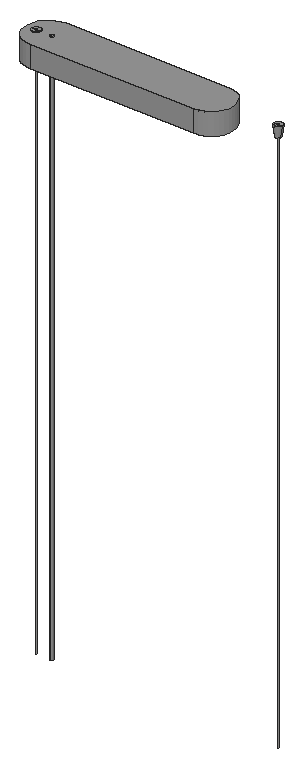
Revit family "Navicula Medium", category Lighting Fixtures, host Ceiling, Revit 2017
Family settings
  Host = Ceiling
  Round Connector Dimension = Use Diameter
  Part Type = Normal
  OmniClass Number = 23.80.70.11
  OmniClass Title = Luminaries for Internal Lighting
  Always vertical = No
  Cut with Voids When Loaded = No
  Light Source = Yes
  Shared = No
  Room Calculation Point = No
Parameters (values of type "Surface mounted driver (EU)")
  Wattage Comments = "230-240V (EU)"
  Wattage = 5.04908 W
  built-in parameter 1150110 = 1 (stored number, unit not read)
  URL = "https://www.davidtrubridge.com"
  Type Comments = "Confirm with supplier for suitable installation"
  built-in parameter 1114217 = 1 (stored number, unit not read)
  built-in parameter 1150109 = 1 (stored number, unit not read)
  built-in parameter 1150134 = (empty or 0)
  Suspension Top [instance] = 1000 mm
  Suspension Cable Finish = Stainless Steel, Brushed
  built-in parameter 1150113 = 1 (stored number, unit not read)
  Model = "Navicula Medium"
  Manufacturer = "David Trubridge"
  Lumens = 750 lm
  built-in parameter 1150115 = 1 (stored number, unit not read)
  built-in parameter 1150105 = 238.73 (stored number, unit not read)
  Suspension LED [instance] = Suspension Top + 125 mm  # 1125 mm
  Light Source Symbol Size = 100 mm
  built-in parameter 1150137 = (empty or 0)
  built-in parameter 1150139 = (empty or 0)
  Lamp Wattage = 0 W
  built-in parameter 1150112 = 1 (stored number, unit not read)
  built-in parameter 1150114 = 1 (stored number, unit not read)
  Lamp = "Linear LED"
  built-in parameter 1150132 = 2
  built-in parameter 1150102 = (empty or 0)
  built-in parameter 1150138 = (empty or 0)
  built-in parameter 1150107 = 2700 (stored number, unit not read)
  built-in parameter 1150106 = 2.3873 (stored number, unit not read)
  Emit from Line Length = 1155 mm
  built-in parameter 1150104 = 13.8 (stored number, unit not read)
  Dimming Lamp Color Temperature Shift = <None>
  Description = "Pendant in bamboo plywood with LED light source. Can be made in a large range of colours"
  Cordset Finish = Plastic, Opaque White
  Color Filter = 16777215
  Canopy location = 40 mm
  Canopy length = 380 mm
  built-in parameter 1114218 = 1 (stored number, unit not read)
  built-in parameter 1150133 = 10 (stored number, unit not read)
  Apparent Load = 0 VA
Types (2, lengths in mm): name | Wattage Comments | Type Comments | Canopy location
  Surface mounted driver (EU) | "230-240V (EU)" | "Confirm with supplier for suitable installation" | 40
  Remote Driver (EU/US) | "110V(US) / 230-240V(EU)." | "Remote driver location shown as example only" | 200
Reference planes
  plane 1 "Light Source Axis (F/B)": y = 0
  plane 2: z = 0
  plane 3 "Light Source Axis (L/R)": x = 0
  plane 4 "Ceiling": z = 4000
  plane 5 "Light Source Elevation": z = 2875
  plane 6 "Top of pendant": z = 3000
  plane 7 "Outer edge": x = -980
  plane 8 "Outer Edge": x = 980
  plane 9 "Bottom of Pendant": z = 2620
  plane 10: y = 460
  plane 11: y = -460
  plane 12 "Connection": z = 2975
  plane 13: z = 4000
  plane 14: x = 213.491
  plane 15: x = -213.393
  plane 16 "Canopy west": x = -241.904
  plane 17 "Canopy east": x = 138.096
  plane 18 "Canopy north": y = 40
  plane 19 "Canopy south": y = -40
  plane 20: through (-287.495, 213.66, 1200) normal (0.9816, 0.1908, 0)
  plane 21: through (85.523, 286.168, 1200) normal (0.9816, 0.1908, 0)
  plane 22: through (-357.335, -52.311, 1200) normal (-0.1908, 0.9816, 0)
  plane 23: through (-342.071, -130.841, 1200) normal (-0.1908, 0.9816, 0)
  plane 24 "Canopy height": z = 4000
  plane 25 "Canopy base": z = 3960
Forms (mm)
  Revolve 1, solid, material "Plastic, Opaque White" <- "Cordset Finish"
    sketch origin (220.894, 0, 6175) x (-1, 0, 0) y (0, 0, -1)
      loop
        line (0, 2195) -> (0, 2175) -> (7.5, 2175) -> (5, 2195) -> (0, 2195)
      axis (0, 2175) -> (0, 2195)
    angle from 0 to 360
  Extrusion 2, solid, material "Stainless Steel, Brushed" <- "Suspension Cable Finish"
    sketch origin (220.894, 0, 3200) x (0, 1, 0) y (-1, 0, 0)
      loop
        circle (0, 0) r 1
    from -225 to 800
  Extrusion 3, solid, material "Plastic, Opaque White" <- "Cordset Finish"
    sketch origin (-194.217, 0, 3200) x (0, 1, 0) y (-1, 0, 0)
      loop
        circle (0, 0) r 3
    from -225 to 800
  Extrusion 4, solid, material "Plastic, Opaque White" <- "Cordset Finish"
    sketch origin (0, 0, 3960) x (0, 1, 0) y (-1, 0, 0)
      loop
        line (-40, 201.904) -> (-40, -98.096)
        arc (-40, -98.096) -> (0, -138.096) -> (40, -98.096) r 40
        line (40, -98.096) -> (40, 201.904)
        arc (40, 201.904) -> (0, 241.904) -> (-40, 201.904) r 40
    from 0 to 40
  Extrusion 5, solid, material "Plastic, Opaque White" <- "Cordset Finish", not visible
    sketch origin (4.871, -22.654, 4180) x (-0.190809, 0.981627, 0) y (-0.981627, -0.190809, 0)
      loop
        line (-40, 201.904) -> (-40, -98.096)
        arc (-40, -98.096) -> (0, -138.096) -> (40, -98.096) r 40
        line (40, -98.096) -> (40, 201.904)
        arc (40, 201.904) -> (0, 241.904) -> (-40, 201.904) r 40
    from 0 to 40
  Revolve 6, solid, material "Plastic, Opaque White" <- "Cordset Finish"
    sketch origin (-222.79, -0.459, 6175) x (-1, 0, 0) y (0, 0, -1)
      loop
        line (0, 2195) -> (0, 2175) -> (7.5, 2175) -> (5, 2195) -> (0, 2195)
      axis (0, 2175) -> (0, 2195)
    angle from 0 to 360
  Extrusion 7, solid, material "Stainless Steel, Brushed" <- "Suspension Cable Finish"
    sketch origin (-222.79, -0.459, 3200) x (0, 1, 0) y (-1, 0, 0)
      loop
        circle (0, 0) r 1
    from -225 to 800
Lines and regions (mm)
  model lines
    curve 1: line (285, 0, 4000) -> (-285, 0, 4000)
    curve 2: line (-201.904, 40, 3960) -> (98.096, 40, 3960)
    curve 3: arc (-201.904, -40, 3960) -> (-241.904, 0, 3960) -> (-201.904, 40, 3960) r 40
  model lines, not visible
    curve 4: line (-200.956, -21.914, 4180) -> (93.532, 35.329, 4180)
    curve 5: arc (-185.691, -100.444, 4180) -> (-232.589, -68.812, 4180) -> (-200.956, -21.914, 4180) r 40
Dimensions and locks
  equal spacing: host sketch curve, plane 3 "Light Source Axis (L/R)", host sketch curve
  equal spacing: host sketch curve, plane 1 "Light Source Axis (F/B)", host sketch curve
  host sketch curve to host sketch curve = 4000 mm  (x2)
  host ceiling to plane 4 "Ceiling" = 0 mm
  plane 4 "Ceiling" to level = 4000 mm
  "Suspension LED": plane 5 "Light Source Elevation" to plane 4 "Ceiling"
  plane 5 "Light Source Elevation" to plane 6 "Top of pendant" = 125 mm
  plane 8 "Outer Edge" to plane 7 "Outer edge" = 1960 mm
  plane 7 "Outer edge" to plane 8 "Outer Edge" = 1960 mm
  locked: plane 9 "Bottom of Pendant" to plane 6 "Top of pendant" at 380
  plane 3 "Light Source Axis (L/R)" to plane 8 "Outer Edge" = 980 mm
  plane 7 "Outer edge" to plane 3 "Light Source Axis (L/R)" = 980 mm
  plane 1 "Light Source Axis (F/B)" to plane 10 = 460 mm
  plane 11 to plane 1 "Light Source Axis (F/B)" = 460 mm
  plane 11 to plane 10 = 920 mm
  imposter light to imposter light = 1155 mm
  locked: plane 12 "Connection" to plane 6 "Top of pendant" at 25
  plane 14 to plane 15 = 426.883 mm
  plane 16 "Canopy west" to plane 17 "Canopy east" = 380 mm
  plane 18 "Canopy north" to plane 19 "Canopy south" = 80 mm
  plane 20 to plane 21 = 380 mm
  plane 22 to plane 23 = 80 mm
  "Canopy length": plane 16 "Canopy west" to plane 17 "Canopy east"
  "Canopy location": plane 25 "Canopy base" to plane 24 "Canopy height"
  locked: plane 25 "Canopy base" to plane 4 "Ceiling" at 40
  aligned and locked: plane 5 "Light Source Elevation" to imposter light
  aligned and locked: level to plane 2
  aligned and locked: plane 12 "Connection" to Extrusion 2
  aligned and locked: Extrusion 2 to plane 4 "Ceiling"
  aligned and locked: plane 6 "Top of pendant" to import instance
  aligned and locked: Extrusion 3 to plane 24 "Canopy height"
  aligned and locked: plane 24 "Canopy height" to Extrusion 4
  aligned and locked: Extrusion 7 to plane 4 "Ceiling"
  aligned and locked: plane 12 "Connection" to Extrusion 3
  aligned and locked: plane 12 "Connection" to Extrusion 7
Automatic sketch dimensions
  curve 1 to plane 4 "Ceiling" = 0 mm
  curve 1 to plane 16 "Canopy west" = 43.096 mm
  plane 14 to curve 1 = 71.509 mm
  Extrusion 2 sketch curve to plane 1 "Light Source Axis (F/B)" = 0 mm
  plane 14 to Extrusion 2 sketch curve = 7.403 mm
  plane 1 "Light Source Axis (F/B)" to Extrusion 3 sketch curve = 0 mm
  plane 15 to Extrusion 3 sketch curve = 19.176 mm
  plane 1 "Light Source Axis (F/B)" to Extrusion 7 sketch curve = 0.459 mm
  Extrusion 7 sketch curve to plane 15 = 9.398 mm
  Extrusion 4 sketch curve to plane 19 "Canopy south" = 0 mm
  Extrusion 4 sketch curve to plane 18 "Canopy north" = 0 mm
  Extrusion 4 sketch curve to plane 17 "Canopy east" = 40 mm
  plane 16 "Canopy west" to Extrusion 4 sketch curve = 40 mm
  curve 3 to plane 19 "Canopy south" = 0 mm
  curve 2 to plane 18 "Canopy north" = 0 mm
  plane 16 "Canopy west" to curve 3 = 40 mm
  curve 2 to plane 17 "Canopy east" = 40 mm
  Extrusion 5 sketch curve to plane 23 = 0 mm
  Extrusion 5 sketch curve to plane 22 = 0 mm
  Extrusion 5 sketch curve to plane 21 = 40 mm
  plane 20 to Extrusion 5 sketch curve = 40 mm
  curve 5 to plane 23 = 0 mm
  curve 4 to plane 22 = 0 mm
  plane 20 to curve 5 = 40 mm
  curve 4 to plane 21 = 40 mm
  Revolve 1 sketch curve to plane 4 "Ceiling" = 0 mm
  plane 14 to Revolve 1 sketch curve = 7.403 mm  (x2)
  plane 14 to Revolve 1 sketch curve = 2.403 mm
  Revolve 1 sketch curve to plane 14 = 0.097 mm
  plane 4 "Ceiling" to Revolve 1 sketch curve = 20 mm
  Revolve 1 sketch curve to Revolve 1 sketch curve = 2479.8 mm
  Revolve 1 sketch curve to plane 6 "Top of pendant" = 40 mm
  Revolve 6 sketch curve to plane 4 "Ceiling" = 0 mm
  Revolve 6 sketch curve to plane 15 = 9.398 mm  (x2)
  Revolve 6 sketch curve to Revolve 6 sketch curve = 5 mm
  Revolve 6 sketch curve to Revolve 6 sketch curve = 7.5 mm
  plane 4 "Ceiling" to Revolve 6 sketch curve = 20 mm
  Revolve 6 sketch curve to Revolve 6 sketch curve = 2479.8 mm
  Revolve 6 sketch curve to plane 6 "Top of pendant" = 40 mm
  radius of Extrusion 2 sketch curve = 1 mm
  radius of Extrusion 3 sketch curve = 3 mm
  radius of Extrusion 7 sketch curve = 1 mm
Connectors
  electrical at (0, 0.108, 4000)
    settings: index 1, voltage 0 V, apparent load 0 VA, apparent load phase1 0 VA, apparent load phase2 0 VA, apparent load phase3 0 VA, power factor 1, load classification "Other", number of poles 1, system type 30, power factor state 0, is connector primary yes, connector utility no, sub classification motor no, connector description ""
